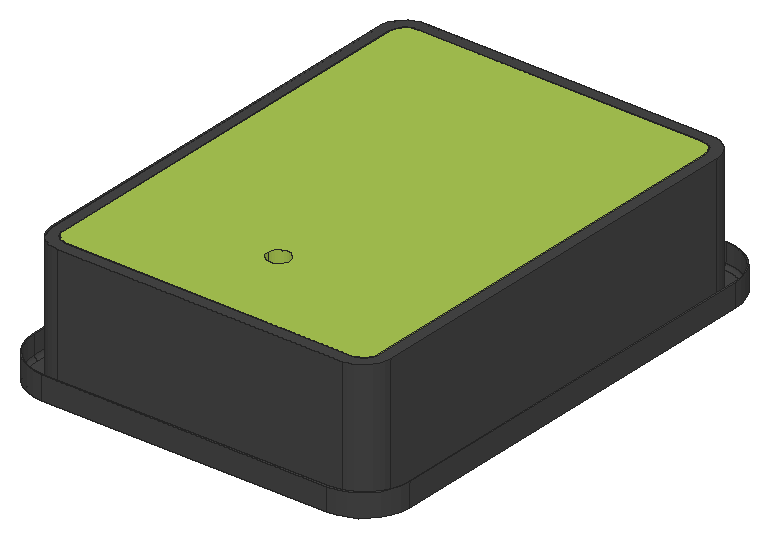
Revit family "VB Series Valves Boxes -  Jumbo Extension Valve Box", category Acessórios do tubo, Revit 2020
Family settings
  Cota do conector redondo = Utilizar diâmetro
  Tipo de parte = Normal
  Número OmniClass = 23.60.00.00
  Título OmniClass = General Purpose: Services
  Com base no plano de trabalho = Não
  Sempre na vertical = Sim
  Corte com vazios quando carregada = Não
  Compartilhado = Não
Parameters (values of type "Jumbo Extension Valve Box")
  x = 7 cm
  DDT4 = 0.1 cm
  URL = "https://www.rainbird.com/"
  Width = 45.5 cm
  SupportProjetos: Reviw Date = ""  # constant formula
  SupportProjetos: Reviw = "R00"  # constant formula
  SupportProjetos: Level of Detail = "LOD300"  # constant formula
  SupportProjetos: Developed = "MICHEL SOARES MOTA"  # constant formula
  SupportProjetos: Creation Date = "05/09/2020"  # constant formula
  RainBird: Product Link = "https://www.rainbird.com/"
  RainBird: Description = "VB Series Valves Boxes -  Jumbo  Extension Valve Box"
  RainBird: Comment = ""
  RainBird: Code = "A11433"  # constant formula
  R = 3.5 cm
  Plastic 2 = Green 2
  Plastic 1 = Black
  Open/Close Box [instance] = yes
  Modelo = "VBJMB6EXTB"
  Height = 17.1 cm
  Elevação padrão = 0 cm
  Descrição = RainBird: Description  # "VB Series Valves Boxes -  Jumbo  Extension Valve Box"
  DDT8 = 3 cm
  DDT7 = 2 cm
  DDT6 = 1.5 cm
  DDT5 = 2 cm
  DDT3 = Length / 2  # 31 cm
  DDT2 = Width / 2  # 22.75 cm
  DDT1 = 0.1 cm
  Length = 62 cm
Reference planes (cm)
  plane 1 "Centro (Frente/Trás)": y = 0
  plane 2: z = 0
  plane 3 "Centro (Esquerda/Direita)": x = 0
Forms (cm)
  Sweep 1, solid, material "Black" <- "Plastic 1"
    path origin (0, 0, 0) x (1, 0, 0) y (0, 1, 0)
      loop
        arc (-19.25, 31) -> (-21.7249, 29.9749) -> (-22.75, 27.5) r 3.5
        line (-22.75, 27.5) -> (-22.75, -27.5)
        arc (-22.75, -27.5) -> (-21.7249, -29.9749) -> (-19.25, -31) r 3.5
        line (-19.25, -31) -> (19.25, -31)
        arc (19.25, -31) -> (21.7249, -29.9749) -> (22.75, -27.5) r 3.5
        line (22.75, -27.5) -> (22.75, 27.5)
        arc (22.75, 27.5) -> (21.7249, 29.9749) -> (19.25, 31) r 3.5
        line (19.25, 31) -> (-19.25, 31)
    profile origin (0, 31, 0) x (0, 1, 0) y (0, 0, 1)
      loop
        line (2.7, -17.1) -> (2.7, -14) -> (2.6, -14) -> (2.6, -16.5)
        arc (2.6, -16.5) -> (2.4536, -16.8536) -> (2.1, -17) r 0.5
        line (2.1, -17) -> (0.1, -17) -> (0.1, 0) -> (-1.4, 0) -> (-1.4, -0.1) -> (0, -0.1) -> (0, -17.1) -> (2.7, -17.1)
  Extrusion 2, solid, material "Green 2" <- "Plastic 2", visible <- "Open/Close Box"
    sketch origin (0, 0, 0) x (1, 0, 0) y (0, 1, 0)
      loop
        arc (-21.25, -27.406) -> (-20.6367, -28.8867) -> (-19.156, -29.5) r 2.094
        line (-19.156, -29.5) -> (19.2398, -29.5)
        arc (19.2398, -29.5) -> (20.6612, -28.9112) -> (21.25, -27.4898) r 2.0102
        line (21.25, -27.4898) -> (21.25, 27.4039)
        arc (21.25, 27.4039) -> (20.6361, 28.8861) -> (19.1539, 29.5) r 2.0961
        line (19.1539, 29.5) -> (-19.1224, 29.5)
        arc (-19.1224, 29.5) -> (-20.6268, 28.8768) -> (-21.25, 27.3724) r 2.1276
        line (-21.25, 27.3724) -> (-21.25, -27.406)
    from -2 to 0
  Extrusion 3, void
    sketch origin (-0.0323, -4.1371, 0) x (1, 0, 0) y (0, 1, 0)
      loop
        circle (0, -13.6318) r 1.5
    from -2 to 0
Cuts and joins
  Extrusion 3 cuts Extrusion 2
Dimensions and locks (cm)
  equal spacing: Sweep 1 sketch curve, plane 3 "Centro (Esquerda/Direita)", Sweep 1 sketch curve
  equal spacing: Sweep 1 sketch curve, plane 1 "Centro (Frente/Trás)", Sweep 1 sketch curve
  "Length": Sweep 1 sketch curve to Sweep 1 sketch curve
  "Width": Sweep 1 sketch curve to Sweep 1 sketch curve
  "DDT3": plane 1 "Centro (Frente/Trás)" to Sweep 1 sketch curve
  "Height": level to Sweep 1 sketch curve
  "DDT5": level to Extrusion 2
  "DDT6": Sweep 1 sketch curve to Sweep 1 sketch curve
  "DDT1": Sweep 1 sketch curve to Sweep 1 sketch curve  (x4)
  "DDT4": Sweep 1 to Extrusion 2 sketch curve
  "DDT4": Extrusion 2 sketch curve to Sweep 1  (x3)
  "DDT8": Sweep 1 sketch curve to Sweep 1 sketch curve
  "DDT7": Sweep 1 sketch curve to Sweep 1 sketch curve
  cut or joined group of Extrusion 2, Extrusion 3 to cut or joined group of Extrusion 2, Extrusion 3 = 42.5 cm
  cut or joined group of Extrusion 2, Extrusion 3 to cut or joined group of Extrusion 2, Extrusion 3 = 59 cm
  "R": radius of Sweep 1 sketch curve  (x4)
  aligned and locked: level to plane 2
  aligned and locked: level to Extrusion 2
  aligned and locked: Extrusion 2 to Extrusion 3  (x2)
Automatic sketch dimensions
  Extrusion 2 sketch curve to Extrusion 2 sketch curve = 2.094 cm
  Extrusion 2 sketch curve to Extrusion 2 sketch curve = 2.1276 cm
  Extrusion 2 sketch curve to Extrusion 2 sketch curve = 2.0961 cm
  Extrusion 2 sketch curve to Extrusion 2 sketch curve = 2.0102 cm
  Extrusion 3 sketch curve to plane 3 "Centro (Esquerda/Direita)" = 0.0323 cm
  plane 1 "Centro (Frente/Trás)" to Extrusion 3 sketch curve = 17.7689 cm
  Sweep 1 sketch curve to profile plane = 0 cm
  Sweep 1 sketch curve to Sweep 1 sketch curve = 0.5 cm
  radius of Extrusion 3 sketch curve = 1.5 cm
